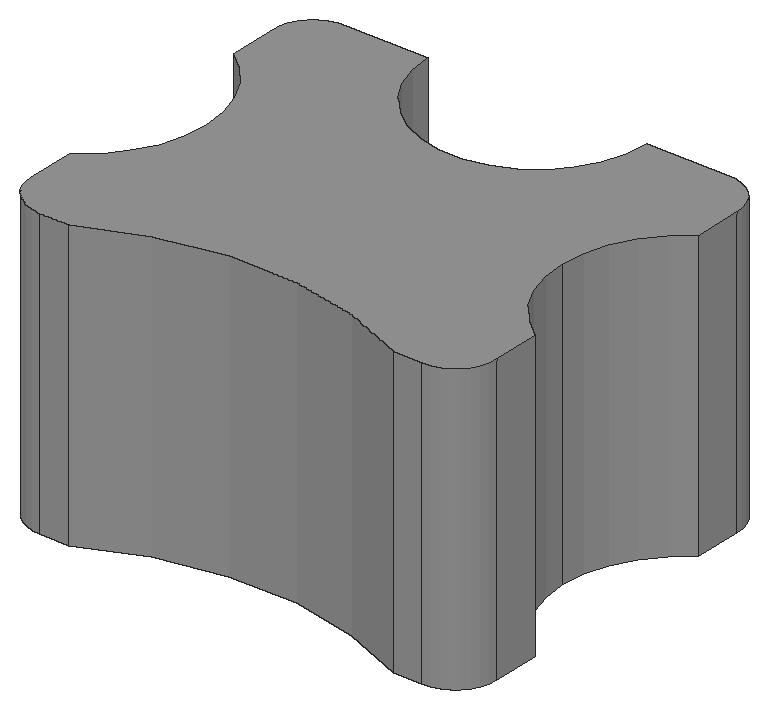
Revit family "Kødben uden wire20-25-30", category Generic Models, Revit 2019
Family settings
  Can host rebar = No
  Round Connector Dimension = Use Diameter
  Part Type = Normal
  Work Plane-Based = Yes
  Always vertical = No
  Cut with Voids When Loaded = No
  Shared = No
  Room Calculation Point = No
Parameters
  concrete = GFRC
  Width = 34 mm
  Website Link = "https://haucon.dk/produkt/fiberbetonafstandsklods/#variations"
  Top Curve R = 8 mm
  Top Curve = 0 mm
  Thickness = 21 mm
  Test Report Sheet = "https://haucon.dk/wp-content/uploads/2016/04/1121005-FIBERBETONAFSTANDSKLODS-TEST-ENG-1.pdf"
  Technical Data Sheet = "https://haucon.dk/wp-content/uploads/2016/04/1121005-Fiberbetonafstandsklods-TDS-ENG.pdf"
  Side Curve R = 9 mm
  Side Curve = 5 mm
  Height = 28 mm
  Default Elevation = 1219.2 mm
  Bottom Curve = 22 mm
Reference planes
  plane 1 "Center (Front/Back)": y = 0
  plane 2: z = 0
  plane 3 "Center (Left/Right)": x = 0
  plane 4: y = 28
  plane 5: x = 17
  plane 6: x = -17
  plane 7: x = 22
  plane 8: x = -22
  plane 9: y = 28
  plane 10: y = 14
  plane 11: y = -22
  plane 12: z = 21
  plane 13: z = 10.5
Forms (mm)
  Extrusion 1, solid, material "Concrete, Cast in Situ, Lightweight"
    sketch origin (0, 0, 0) x (1, 0, 0) y (0, 1, 0)
      loop
        arc (-17, 3) -> (-16.121, 0.879) -> (-14, 0) r 3
        line (-14, 0) -> (13.963, 0)
        arc (13.963, 0) -> (16.111, 0.889) -> (17, 3.037) r 3.037
        line (17, 3.037) -> (17, 24.972)
        arc (17, 24.972) -> (16.113, 27.113) -> (13.972, 28) r 3.028
        line (13.972, 28) -> (-14.012, 28)
        arc (-14.012, 28) -> (-16.125, 27.125) -> (-17, 25.012) r 2.988
        line (-17, 25.012) -> (-17, 3)
    from 0 to 21
  Extrusion 2, void
    sketch origin (0, 0, 0) x (1, 0, 0) y (0, 1, 0)
      loop
        circle (22, 14) r 9
    from 0 to 25
  Extrusion 3, void
    sketch origin (0, 0, 0) x (1, 0, 0) y (0, 1, 0)
      loop
        circle (-22, 14) r 9
    from 0 to 25
  Extrusion 4, void
    sketch origin (0, 0, 0) x (1, 0, 0) y (0, 1, 0)
      loop
        circle (0, -22) r 25
    from 0 to 25
  Extrusion 5, void
    sketch origin (0, 0, 0) x (1, 0, 0) y (0, 1, 0)
      loop
        circle (0, 28) r 8
    from 0 to 25
Cuts and joins
  Extrusion 2, Extrusion 3, Extrusion 4, Extrusion 5 cuts Extrusion 1
Dimensions and locks
  equal spacing: plane 6, plane 3 "Center (Left/Right)", plane 5
  "Width": plane 6 to plane 5
  "Height": plane 1 "Center (Front/Back)" to plane 4
  "Side Curve": plane 8 to plane 6
  "Side Curve": plane 5 to plane 7
  "Top Curve": plane 9 to plane 4
  equal spacing: plane 4, plane 10, plane 1 "Center (Front/Back)"
  "Bottom Curve": plane 11 to plane 1 "Center (Front/Back)"
  equal spacing: plane 12, plane 13, level
  "Thickness": plane 12 to level
  "Side Curve R": radius of Extrusion 2 sketch curve
  "Side Curve R": radius of Extrusion 3 sketch curve
  "Top Curve R": radius of Extrusion 5 sketch curve
  aligned and locked: level to plane 2
  aligned and locked: Extrusion 1 sketch curve to plane 4
  aligned and locked: plane 6 to Extrusion 1 sketch curve
  aligned and locked: Extrusion 1 sketch curve to plane 5
  aligned and locked: Extrusion 1 sketch curve to plane 1 "Center (Front/Back)"
  aligned and locked: plane 10 to Extrusion 2 sketch curve
  aligned and locked: plane 7 to Extrusion 2 sketch curve
  aligned and locked: plane 8 to Extrusion 3 sketch curve
  aligned and locked: plane 10 to Extrusion 3 sketch curve
  aligned and locked: plane 11 to Extrusion 4 sketch curve
  aligned and locked: plane 3 "Center (Left/Right)" to Extrusion 4 sketch curve
  aligned and locked: plane 9 to Extrusion 5 sketch curve
  aligned and locked: plane 3 "Center (Left/Right)" to Extrusion 5 sketch curve
  aligned and locked: plane 12 to cut or joined group of Extrusion 1, Extrusion 2, Extrusion 3, Extrusion 4, Extrusion 5
Automatic sketch dimensions
  Extrusion 1 sketch curve to plane 4 = 2.988 mm
  Extrusion 1 sketch curve to plane 1 "Center (Front/Back)" = 3 mm
  Extrusion 1 sketch curve to plane 5 = 3.037 mm
  Extrusion 1 sketch curve to plane 4 = 3.028 mm
  radius of Extrusion 4 sketch curve = 25 mm
